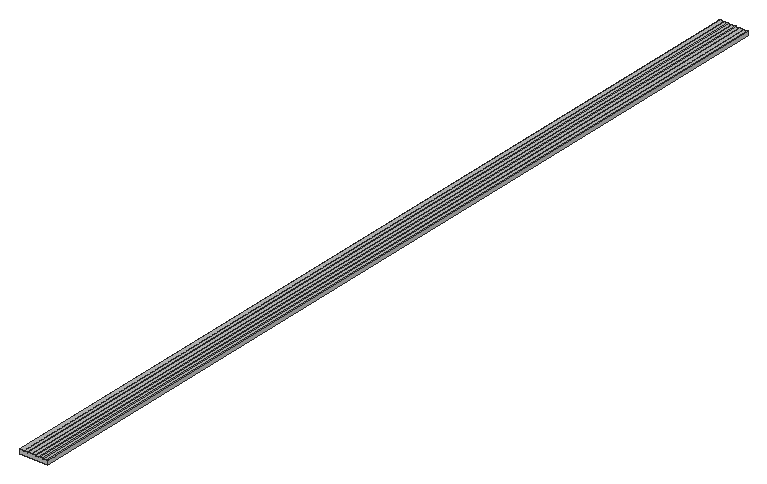
Revit family "221010030038734", category Modelos genéricos, Revit 2018
Family settings
  Puede alojar armadura = No
  Cota de conector redondo = Diámetro de uso
  Tipo de pieza = Normal
  Se basa en plano de trabajo = No
  Siempre vertical = No
  Corte con vacíos al cargar = No
  Compartido = No
  Punto de cálculo de habitación = No
Parameters (values of type "FASCIA DECK RAINBODECK HPC 70X10MM GRIS TIRA 2.2MT")
  Ventajas = ""
  Uso = "Producto fabricado en tablas de HPC High Performance Composite, y es una alternativa a la madera tradicional. Debido a su formulación hPC, es un producto innovador, ya que combina la apariencia y nobleza de la madera, con la resistencia y la durabilidad de los polimeros. Siendo un producto de más larga duración y menor mantención."
  Unidad = "Tiras de 2.20 Mts"
  URL = "https://www.empresascnp.cl/"
  Num SKUs = "221010030038734"
  Nombre SKU = "FASCIA DECK RAINBODECK HPC 70X10MM GRIS TIRA 2.2MT"
  Model = "FASCIA DECK RAINBODECK HPC"
  Material = HPC Gris
  Url Ficha tecnica = "https://empresascnp.cl/wp-content/uploads//pdf/ficha-tecnica-deck-rainbodeck-hpc-160x25mm-chocolate-tira-2-2mt.pdf"
  Largo = 2200.00 mm
  Espesor = 10.00 mm
  Empresa = "CNP SPA."
  Dureza = ""
  Dimension = 70.00 mm
  Description = "FASCIA DECK RAINBODECK HPC"
  Contacto = "info@empresascnp.cl"
  Color = "Gris"
  Aplicacion = "Fascia para Deck"
  Alto = 10.00 mm
Reference planes
  plane 1 "Center F/B": y = 0
  plane 2: z = 0
  plane 3 "Center L/R": x = 0
  plane 4: z = -10
  plane 5 "2": y = 1100
  plane 6 "3": y = -1100
  plane 7: x = 70
  plane 8: z = -2
  plane 9 "4": x = 2
Forms (mm)
  Extrusion 1, solid, material "HPC Gris" <- "Material"
    sketch origin (0, 0, 0) x (1, 0, 0) y (0, 0, 1)
      loop
        line (0, -1) -> (0, -10) -> (70, -10) -> (70, -1)
        arc (70, -1) -> (69.707, -0.293) -> (69, 0) r 1
        line (69, 0) -> (61, 0)
        arc (61, 0) -> (60, -1) -> (59, 0) r 1
        line (59, 0) -> (51, 0)
        arc (51, 0) -> (50, -1) -> (49, 0) r 1
        line (49, 0) -> (41, 0)
        arc (41, 0) -> (40, -1) -> (39, 0) r 1
        line (39, 0) -> (31, 0)
        arc (31, 0) -> (30, -1) -> (29, 0) r 1
        line (29, 0) -> (21, 0)
        arc (21, 0) -> (20, -1) -> (19, 0) r 1
        line (19, 0) -> (11, 0)
        arc (11, 0) -> (10, -1) -> (9, 0) r 1
        line (9, 0) -> (1, 0)
        arc (1, 0) -> (0.293, -0.293) -> (0, -1) r 1
    from -1100 to 1100
Dimensions and locks
  "Alto": level to plane 4
  equal spacing: plane 6 "3", plane 1 "Center F/B", plane 5 "2"
  "Largo": plane 6 "3" to plane 5 "2"
  "Dimension": plane 7 to plane 3 "Center L/R"
Automatic sketch dimensions
  Extrusion 1 sketch curve to plane 3 "Center L/R" = 0.00 mm
  Extrusion 1 sketch curve to level = 0.00 mm
  Extrusion 1 sketch curve to plane 7 = 0.00 mm
  Extrusion 1 sketch curve to plane 4 = 0.00 mm
  Extrusion 1 sketch curve to level = 1.00 mm
  plane 9 "4" to Extrusion 1 sketch curve = 8.00 mm
  Extrusion 1 sketch curve to Extrusion 1 sketch curve = 10.00 mm  (x5)
  Extrusion 1 sketch curve to Extrusion 1 sketch curve = 1.00 mm  (x7)
